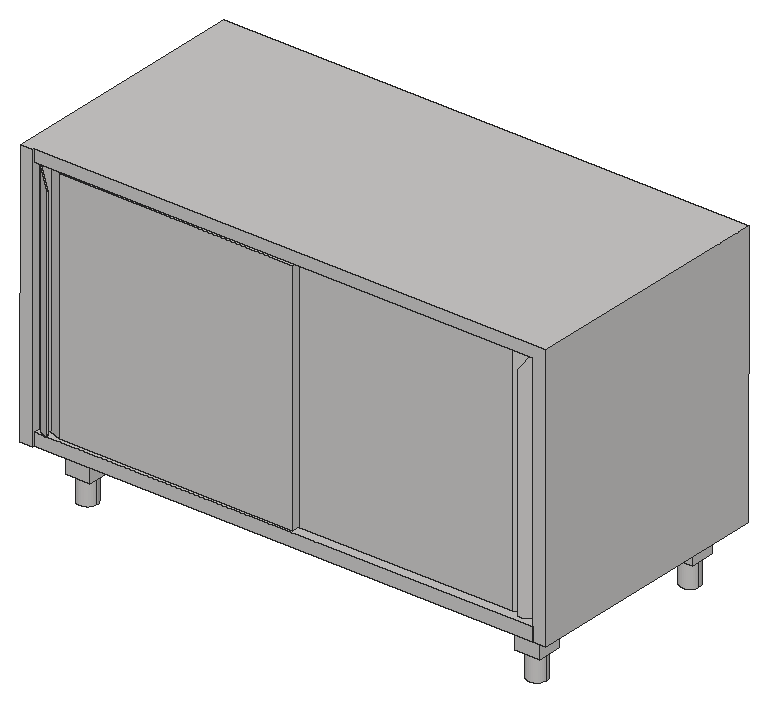
Revit family "QF_ELECTROLUXPROFESSIONAL_121827_TEL2S14", category Attrezzature speciali, Revit 2020
Family settings
  Quota connettore circolare = Usa diametro
  Tipo di parte = Normale
  Basato su piano di lavoro = No
  Sempre verticale = Sì
  Taglio con vuoti quando caricato = No
  Condiviso = No
  Punto di calcolo locali = No
Parameters (values of type "Standard")
  Weight = 44.00 kg
  Watts = 0 W
  Volts = 0 V
  URL Manufacturer = "https://www.electroluxprofessional.com/"
  URL = "https://www.electroluxprofessional.com/"
  Steam Supply Size = 0 mm
  Steam Supply Minimum Pressure = 0.0 Pa
  Steam Supply Maximum Pressure = 0.0 Pa
  Steam Consumption per Hour = 0
  Refrigeration Suction Line Size = 0.0 mm
  Refrigeration Liquid Line Size = 0.0 mm
  Refrigerant Compressor Remote = yes
  Prospetto di default = 0.0 mm
  Phase = 0
  Modello = "TEL2S14"
  Produttore = "Electrolux Professional"
  Length Actual = 1400.0 mm  # constant formula
  Item Number = "121827"
  Hot Water Size = 0 mm
  Height Actual = 860.0 mm  # constant formula
  HP = "0 HP"
  Gas Size = 0 mm
  Gas KW = 0
  Gas Input Pressure = 0 W
  Direct Waste Size = 0 mm
  Descrizione = "CUPBOARD BASE FOR SINK TOP 1400MM"
  Depth Actual = 680.0 mm  # constant formula
  Cycle = 0 Hz
  Condensate Return Size = 0 mm
  Compressed Air Volume = 0.0 L/s
  Compressed Air Size = 0 mm
  Compressed Air Pressure = 0.0 Pa
  Cold Water Size = 0 mm
  Accessory = yes
Reference planes
  plane 1 "Center (Front/Back)": y = 0
  plane 2: z = 0
  plane 3 "Center (Left/Right)": x = -300
  plane 4 "LEFT": x = -1000
  plane 5 "RIGHT": x = 400
  plane 6 "BACK": y = 340
  plane 7 "FRONT": y = -340
  plane 8 "Base": z = 860
  plane 9 "TOP": z = 900
  plane 10: x = -900
  plane 11: x = 300
  plane 12: y = 270
  plane 13: y = -240
  plane 14 "FEET": z = 150
  plane 15: x = -966
  plane 16: y = -337
  plane 17: y = 310
  plane 18: x = 366
  plane 19: x = -326.5
  plane 20: x = -273.5
Forms (mm)
  Extrusion 1, solid, material "QF_Finishes_Stainless Steel"
    sketch origin (0, 0, 150) x (-1, 0, 0) y (0, -1, 0)
      loop
        line (1000, -340) -> (1000, 340) -> (966, 340) -> (966, -340) -> (1000, -340)
      loop
        line (-366, -340) -> (-366, 337) -> (-400, 337) -> (-400, -340) -> (-366, -340)
    from 0 to 710
  Extrusion 2, solid, material "QF_Finishes_Stainless Steel"
    sketch origin (0, 0, 150) x (-1, 0, 0) y (0, -1, 0)
      loop
        line (966, -310) -> (966, 337) -> (-366, 337) -> (-366, -310) -> (966, -310)
    from 0 to 35
  Extrusion 3, solid, material "QF_Finishes_Stainless Steel"
    sketch origin (0, 0, 0) x (1, 0, 0) y (0, 1, 0)
      loop
        line (-966, -337) -> (366, -337) -> (366, 340) -> (-966, 340) -> (-966, -337)
    from 830 to 860
  Extrusion 4, solid, material "QF_Finishes_Stainless Steel"
    sketch origin (0, 0, 150) x (-1, 0, 0) y (0, -1, 0)
      loop
        line (966, -340) -> (966, -310) -> (-366, -310) -> (-366, -340) -> (966, -340)
    from 680 to 0
  Extrusion 5, solid, material "QF_Finishes_Stainless Steel"
    sketch origin (0, -340, 0) x (-1, 0, 0) y (0, 0, 1)
      loop
        line (301, 185) -> (301, 187) -> (299, 187) -> (299, 185) -> (301, 185)
    from 45 to 43
  Extrusion 6, solid, material "QF_Finishes_Stainless Steel"
    sketch origin (0, 0, 150) x (-1, 0, 0) y (0, -1, 0)
      loop
        line (326.5, 317) -> (-298, 317) -> (-333, 302) -> (-363, 302) -> (-363, 297) -> (326.5, 297) -> (326.5, 317)
    from 675 to 40
  Extrusion 7, solid, material "QF_Finishes_Stainless Steel"
    sketch origin (0, 0, 150) x (-1, 0, 0) y (0, -1, 0)
      loop
        line (-321, 331) -> (-349, 316) -> (-363, 302) -> (-360.172, 302) -> (-347.795, 314.377) -> (-320.056, 329.237) -> (-321, 331)
    from 675 to 40
  Extrusion 8, solid, material "QF_Finishes_Stainless Steel"
    sketch origin (0, 0, 150) x (-1, 0, 0) y (0, -1, 0)
      loop
        line (273.5, 337) -> (273.5, 317) -> (963, 317) -> (963, 322) -> (933, 322) -> (898, 337) -> (273.5, 337)
    from 675 to 40
  Extrusion 9, solid, material "QF_Finishes_Stainless Steel"
    sketch origin (0, 0, 150) x (-1, 0, 0) y (0, -1, 0)
      loop
        line (921, 351) -> (920.056, 349.237) -> (947.795, 334.377) -> (960.172, 322) -> (963, 322) -> (949, 336) -> (921, 351)
    from 675 to 40
  Extrusion 10, void
    sketch origin (-318.5, -342.5, 2435) x (-1, 0, 0) y (0, 0, 1)
      loop
        line (597, -1610) -> (597, -1661.75) -> (631.5, -1610) -> (597, -1610)
      loop
        line (601.556, -2245) -> (611.556, -2245)
        arc (611.556, -2245) -> (604.484, -2242.071) -> (601.556, -2235) r 10
        line (601.556, -2235) -> (601.556, -2245)
    from -13.118 to 9.689
  Extrusion 11, void
    sketch origin (-481.5, -342.5, 2430) x (1, 0, 0) y (0, 0, -1)
      loop
        line (797, 1605) -> (831.5, 1605) -> (797, 1656.75) -> (797, 1605)
      loop
        line (801.556, 2240) -> (801.556, 2230)
        arc (801.556, 2230) -> (804.484, 2237.071) -> (811.556, 2240) r 10
        line (811.556, 2240) -> (801.556, 2240)
    from 5.5 to 29.918
Cuts and joins
  joined: Extrusion 1, Extrusion 3, Extrusion 4
  Extrusion 10 cuts Extrusion 9
  Extrusion 11 cuts Extrusion 7
Lines and regions (mm)
  symbolic lines, style "SpecialityEquipmentHiddenLines"
    curve 1: line (400, 340, 900) -> (-1000, 340, 900)
    curve 2: line (400, -340, 900) -> (400, 340, 900)
    curve 3: line (-1000, -344.5, 150) -> (-1000, 340, 150)
    curve 4: line (-1000, -340, 150) -> (-966, -340, 150)
    curve 5: line (-966, -340, 150) -> (-966, -337, 150)
    curve 6: line (-966, -337, 150) -> (366, -337, 150)
    curve 7: line (366, -337, 150) -> (366, -340, 150)
    curve 8: line (366, -340, 150) -> (400, -340, 150)
    curve 9: line (366, -340, 1600) -> (366, -337, 1600)
    curve 11: line (-966, -337, 1600) -> (-966, -340, 1600)
    curve 12: line (366, -297, 200) -> (-326.5, -297, 200)
    curve 13: line (-326.5, -297, 200) -> (-326.5, -317, 200)
    curve 14: line (299, -317, 200) -> (-963, -317, 200)
    curve 18: line (-273.5, -317, 200) -> (-273.5, -337, 200)
    curve 19: line (298, -317, 1600) -> (333, -302, 1600)
    curve 20: line (333, -302, 1600) -> (363, -302, 1600)
    curve 21: line (363, -302, 1600) -> (363, -297, 1600)
    curve 22: line (320.958, -331.023, 1600) -> (348.999, -316.001, 1600)
    curve 23: line (348.999, -316.001, 1600) -> (363, -302, 1600)
    curve 24: line (360.172, -302, 1600) -> (347.795, -314.377, 1600)
    curve 25: line (347.795, -314.377, 1600) -> (319.992, -329.271, 1600)
    curve 26: line (319.992, -329.271, 1600) -> (320.958, -331.023, 1600)
    curve 27: line (-963, -317, 1600) -> (-963, -322, 1600)
    curve 28: line (-963, -322, 1600) -> (-949, -336, 1600)
    curve 29: line (-949, -336, 1600) -> (-947.133, -337, 1600)
    curve 30: line (-942.884, -337, 1600) -> (-947.955, -334.283, 1600)
    curve 31: line (-947.955, -334.283, 1600) -> (-960.239, -322, 1600)
    curve 32: line (-898, -337, 1600) -> (-933, -322, 1600)
    curve 33: line (-933, -322, 1600) -> (-963, -322, 1600)
  symbolic lines, style "SpecialityEquipment"
    curve 10: line (366, -337, 1600) -> (-966, -337, 1600)
    curve 15: line (-947.133, -337, 1600) -> (-920.985, -351.008, 1600)
    curve 16: line (-920.985, -351.008, 1600) -> (-920.038, -349.239, 1600)
    curve 17: line (-942.884, -337, 1600) -> (-920.038, -349.239, 1600)
Dimensions and locks
  plane 4 "LEFT" to plane 5 "RIGHT" = 1400.0 mm
  equal spacing: plane 4 "LEFT", plane 3 "Center (Left/Right)", plane 5 "RIGHT"
  plane 6 "BACK" to plane 7 "FRONT" = 680.0 mm
  equal spacing: plane 6 "BACK", plane 1 "Center (Front/Back)", plane 7 "FRONT"
  locked: plane 14 "FEET" to level at 150
  locked: plane 4 "LEFT" to plane 10 at 100
  locked: plane 11 to plane 5 "RIGHT" at 100
  locked: plane 4 "LEFT" to plane 15 at 34
  plane 16 to plane 7 "FRONT" = 3.0 mm
  plane 6 "BACK" to plane 17 = 30.0 mm
  locked: plane 6 "BACK" to plane 12 at 70
  locked: plane 13 to plane 7 "FRONT" at 100
  locked: plane 8 "Base" to level at 860
  locked: plane 9 "TOP" to level at 900
  locked: plane 18 to plane 5 "RIGHT" at 34
  locked: plane 19 to plane 20 at 53
  equal spacing: plane 19, plane 3 "Center (Left/Right)", plane 20
  aligned and locked: level to plane 2
  aligned and locked: plane 10 to nested 1
  aligned and locked: plane 11 to nested 2  (x2)
  aligned and locked: nested 4 to plane 12
  aligned and locked: plane 10 to nested 3
  aligned and locked: nested 3 to plane 12
  aligned and locked: plane 8 "Base" to Extrusion 1
  aligned and locked: plane 6 "BACK" to Extrusion 1 sketch curve
  aligned and locked: Extrusion 1 sketch curve to plane 6 "BACK"
  aligned and locked: Extrusion 1 sketch curve to plane 7 "FRONT"
  aligned and locked: plane 15 to Extrusion 1
  aligned and locked: Extrusion 2 to plane 15
  aligned and locked: plane 8 "Base" to Extrusion 3
  aligned and locked: Extrusion 2 to plane 16
  aligned and locked: Extrusion 2 to plane 17
  aligned and locked: Extrusion 3 to plane 16
  aligned and locked: plane 15 to Extrusion 4 sketch curve
  aligned and locked: Extrusion 4 sketch curve to plane 6 "BACK"
  aligned and locked: Extrusion 4 sketch curve to plane 17
  aligned and locked: Extrusion 4 to Extrusion 3
  aligned and locked: Extrusion 4 to plane 14 "FEET"
  aligned and locked: plane 6 "BACK" to Extrusion 3
  aligned and locked: nested 1 to plane 13
  aligned and locked: nested 2 to plane 13
  aligned and locked: plane 18 to Extrusion 3
  aligned and locked: Extrusion 2 sketch curve to plane 18
  aligned and locked: cut or joined group of Extrusion 1, Extrusion 3, Extrusion 4 to plane 18
  aligned and locked: plane 18 to cut or joined group of Extrusion 1, Extrusion 3, Extrusion 4
  aligned and locked: Extrusion 6 to plane 19
  aligned and locked: curve 13 to plane 19
  aligned and locked: plane 20 to Extrusion 8
  aligned and locked: curve 18 to plane 20
  aligned and locked: curve 7 to curve 9
  aligned and locked: plane 18 to curve 9
  aligned and locked: nested 4 to nested 4
  aligned and locked: nested 4 to nested 2
Automatic sketch dimensions
  curve 2 to plane 5 "RIGHT" = 0.0 mm
  curve 2 to plane 7 "FRONT" = 0.0 mm
  curve 1 to plane 4 "LEFT" = 0.0 mm
  curve 1 to plane 6 "BACK" = 0.0 mm
  Extrusion 1 sketch curve to plane 5 "RIGHT" = 0.0 mm
  Extrusion 1 sketch curve to plane 16 = 0.0 mm
  Extrusion 1 sketch curve to plane 18 = 0.0 mm
  Extrusion 1 sketch curve to plane 15 = 0.0 mm
  Extrusion 1 sketch curve to plane 4 "LEFT" = 0.0 mm
  Extrusion 2 sketch curve to plane 15 = 0.0 mm
  plane 17 to Extrusion 2 sketch curve = 0.0 mm
  Extrusion 2 sketch curve to plane 16 = 0.0 mm
  curve 8 to plane 5 "RIGHT" = 0.0 mm
  curve 6 to plane 15 = 0.0 mm
  curve 3 to plane 4 "LEFT" = 0.0 mm
  curve 3 to plane 6 "BACK" = 0.0 mm
  curve 6 to plane 16 = 0.0 mm
  curve 8 to plane 7 "FRONT" = 0.0 mm
  curve 4 to plane 7 "FRONT" = 0.0 mm
  curve 4 to curve 3 = 4.5 mm
  Extrusion 3 sketch curve to plane 6 "BACK" = 0.0 mm
  Extrusion 3 sketch curve to plane 15 = 0.0 mm
  Extrusion 3 sketch curve to plane 18 = 0.0 mm
  Extrusion 3 sketch curve to plane 16 = 0.0 mm
  Extrusion 4 sketch curve to plane 18 = 0.0 mm
  plane 3 "Center (Left/Right)" to Extrusion 5 sketch curve = 1.0 mm
  Extrusion 5 sketch curve to plane 3 "Center (Left/Right)" = 1.0 mm
  plane 14 "FEET" to Extrusion 5 sketch curve = 35.0 mm
  Extrusion 5 sketch curve to Extrusion 5 sketch curve = 2.0 mm
  Extrusion 6 sketch curve to plane 19 = 0.0 mm
  Extrusion 6 sketch curve to plane 11 = 2.0 mm
  plane 11 to Extrusion 6 sketch curve = 33.0 mm
  Extrusion 6 sketch curve to plane 18 = 3.0 mm
  plane 16 to Extrusion 6 sketch curve = 40.0 mm
  Extrusion 6 sketch curve to Extrusion 6 sketch curve = 5.0 mm
  Extrusion 6 sketch curve to Extrusion 6 sketch curve = 20.0 mm
  Extrusion 7 sketch curve to plane 18 = 3.0 mm
  Extrusion 7 sketch curve to Extrusion 7 sketch curve = 2.828 mm
  Extrusion 7 sketch curve to plane 18 = 17.0 mm
  Extrusion 7 sketch curve to Extrusion 7 sketch curve = 1.205 mm
  plane 16 to Extrusion 7 sketch curve = 6.0 mm
  plane 11 to Extrusion 7 sketch curve = 21.0 mm
  plane 16 to Extrusion 7 sketch curve = 7.763 mm
  Extrusion 7 sketch curve to Extrusion 7 sketch curve = 0.944 mm
  Extrusion 7 sketch curve to Extrusion 7 sketch curve = 12.377 mm
  Extrusion 8 sketch curve to plane 16 = 0.0 mm
  Extrusion 8 sketch curve to plane 20 = 0.0 mm
  plane 10 to Extrusion 8 sketch curve = 2.0 mm
  plane 16 to Extrusion 8 sketch curve = 15.0 mm
  Extrusion 8 sketch curve to plane 10 = 33.0 mm
  plane 15 to Extrusion 8 sketch curve = 3.0 mm
  Extrusion 8 sketch curve to Extrusion 8 sketch curve = 20.0 mm
  Extrusion 9 sketch curve to plane 10 = 20.056 mm
  Extrusion 9 sketch curve to plane 7 "FRONT" = 11.0 mm
  Extrusion 9 sketch curve to Extrusion 9 sketch curve = 0.944 mm
  plane 16 to Extrusion 9 sketch curve = 2.623 mm
  plane 15 to Extrusion 9 sketch curve = 18.205 mm
  plane 16 to Extrusion 9 sketch curve = 1.0 mm
  plane 15 to Extrusion 9 sketch curve = 5.828 mm
  Extrusion 9 sketch curve to Extrusion 9 sketch curve = 2.828 mm
  plane 16 to Extrusion 9 sketch curve = 15.0 mm
  curve 32 to plane 16 = 0.0 mm
  curve 11 to plane 15 = 0.0 mm
  curve 9 to plane 7 "FRONT" = 0.0 mm
  curve 11 to plane 7 "FRONT" = 0.0 mm
  curve 23 to plane 18 = 3.0 mm
  curve 23 to plane 18 = 17.001 mm
  curve 22 to curve 25 = 1.204 mm
  curve 24 to curve 19 = 14.795 mm
  plane 16 to curve 22 = 5.977 mm
  plane 11 to curve 22 = 20.958 mm
  plane 16 to curve 25 = 7.729 mm
  curve 22 to curve 25 = 0.966 mm
  curve 16 to plane 7 "FRONT" = 9.239 mm
  curve 16 to plane 10 = 20.038 mm
  curve 16 to plane 7 "FRONT" = 11.008 mm
  curve 16 to curve 16 = 0.948 mm
  curve 33 to curve 17 = 9.884 mm
  plane 16 to curve 30 = 2.717 mm
  curve 15 to curve 30 = 0.822 mm
  plane 16 to curve 29 = 1.0 mm
  curve 30 to curve 29 = 1.045 mm
  plane 15 to curve 33 = 3.0 mm
  plane 16 to curve 33 = 15.0 mm
  plane 16 to curve 23 = 20.999 mm
  curve 25 to curve 22 = 1.624 mm
  curve 19 to curve 24 = 12.377 mm
  curve 20 to curve 24 = 2.828 mm
  curve 19 to plane 11 = 2.0 mm
  plane 10 to curve 32 = 2.0 mm
  curve 30 to curve 17 = 0.0 mm
  curve 29 to curve 15 = 0.0 mm
  curve 31 to curve 27 = 2.761 mm
  curve 27 to curve 27 = 5.0 mm
  plane 16 to curve 19 = 20.0 mm
  curve 21 to curve 20 = 5.0 mm
  curve 12 to plane 18 = 0.0 mm
  curve 18 to plane 16 = 0.0 mm
  plane 16 to curve 13 = 40.0 mm
  curve 14 to plane 11 = 1.0 mm
  plane 15 to curve 14 = 3.0 mm
  curve 12 to curve 13 = 20.0 mm
  Extrusion 10 sketch curve to plane 10 = 15.5 mm
  Extrusion 10 sketch curve to plane 10 = 20.056 mm
  Extrusion 10 sketch curve to Extrusion 10 sketch curve = 10.0 mm
  plane 15 to Extrusion 10 sketch curve = 16.0 mm
  plane 14 "FEET" to Extrusion 10 sketch curve = 40.0 mm
  Extrusion 10 sketch curve to plane 8 "Base" = 86.75 mm
  Extrusion 10 sketch curve to plane 8 "Base" = 35.0 mm
  plane 11 to Extrusion 11 sketch curve = 15.5 mm
  plane 11 to Extrusion 11 sketch curve = 20.056 mm
  Extrusion 11 sketch curve to Extrusion 11 sketch curve = 10.0 mm
  Extrusion 11 sketch curve to plane 18 = 16.0 mm
  Extrusion 11 sketch curve to plane 8 "Base" = 35.0 mm
  Extrusion 11 sketch curve to Extrusion 11 sketch curve = 51.75 mm
  plane 14 "FEET" to Extrusion 11 sketch curve = 50.0 mm
Nested families
  nested 1: "FEET_L65-150" at (-900, -240, 0), type "FEET_L65-150"
  nested 2: "FEET_L65-150" at (300, -240, 0), type "FEET_L65-150"
  nested 3: "FEET_L65-150" at (-900, 270, 0), type "FEET_L65-150"
  nested 4: "FEET_L65-150" at (300, 270, 0), type "FEET_L65-150"
Definition of nested family "FEET_L65-150"
  Parameters
    Default Elevation = 0.0 mm
    FEET = 150.0 mm
  Reference planes
    plane 1 "Center (Front/Back)": y = 0
    plane 2: z = 0
    plane 3 "Center (Left/Right)": x = 0
    plane 4: z = 150
  Forms (mm)
    Extrusion 1, solid
      sketch origin (0, 0, 0) x (1, 0, 0) y (0, 1, 0)
        loop
          circle (0, 0) r 25
      from 0 to 67
    Extrusion 2, solid
      sketch origin (0, 0, 0) x (1, 0, 0) y (0, 1, 0)
        loop
          line (32.561, 32.5) -> (-32.439, 32.5) -> (-32.439, -32.5) -> (32.561, -32.5) -> (32.561, 32.5)
      from 67 to 150 <- "FEET"
  Lines and regions (mm)
    symbolic lines
      curve 1: line (0, -1.503, 0) -> (0, 1.508, 0)
      curve 2: line (1.561, 0, 0) -> (-1.439, 0, 0)
  Dimensions and locks
    "FEET": plane 4 to plane 2
    aligned and locked: level to plane 2
  Automatic sketch dimensions
    plane 1 "Center (Front/Back)" to Extrusion 1 sketch curve = 0.0 mm
    Extrusion 1 sketch curve to plane 3 "Center (Left/Right)" = 0.0 mm
    plane 1 "Center (Front/Back)" to curve 2 = 0.0 mm
    curve 1 to plane 3 "Center (Left/Right)" = 0.0 mm
    curve 2 to plane 3 "Center (Left/Right)" = 1.439 mm
    plane 3 "Center (Left/Right)" to curve 2 = 1.561 mm
    plane 1 "Center (Front/Back)" to curve 1 = 1.503 mm
    curve 1 to plane 1 "Center (Front/Back)" = 1.508 mm
    Extrusion 2 sketch curve to plane 1 "Center (Front/Back)" = 32.5 mm
    Extrusion 2 sketch curve to plane 3 "Center (Left/Right)" = 32.439 mm
    plane 3 "Center (Left/Right)" to Extrusion 2 sketch curve = 32.561 mm
    plane 1 "Center (Front/Back)" to Extrusion 2 sketch curve = 32.5 mm
    radius of Extrusion 1 sketch curve = 25.0 mm
